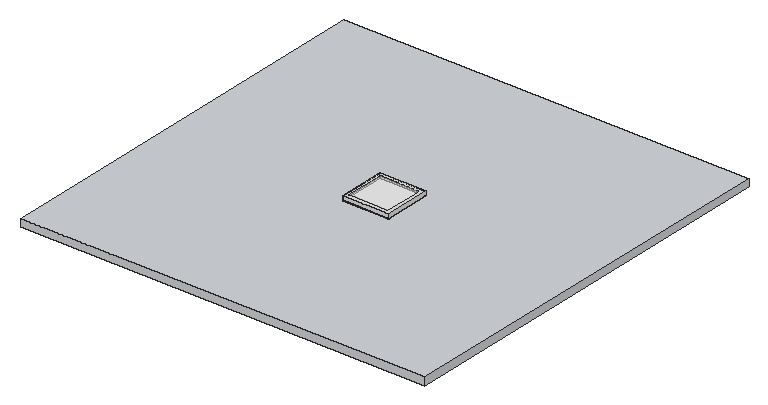
Revit family "P810020-030-30", category Lighting Fixtures, host Face, Revit 2014
Parameters (values of type "P810020-030-30")
  Watts = 17 W
  Wattage Comments = "17W"
  Wattage = 15 W
  Warranty = "1 year Warranty"  # constant formula
  built-in parameter 1150110 = 1 (stored number, unit not read)
  Voltage = 120 V
  URL = "https://www.hubbell.com/progresslighting/en"
  built-in parameter 1114217 = 1 (stored number, unit not read)
  Tilt Angle = 60.00°
  built-in parameter 1150109 = 1 (stored number, unit not read)
  built-in parameter 1150134 = 3
  built-in parameter 1150113 = 1 (stored number, unit not read)
  Square = 11.00"
  Product Link = "https://www.hubbell.com/progresslighting/en/Products/Lighting-Controls/Residential-Indoor-Lighting/New-Indoor-Products/Everlume-Collection-White-14-Edgelit-Square/p/4035370"
  Product Documentation Link = "https://hubbellcdn.com/specsheet/PROG_P810021-030-30_spec.pdf"
  Power Factor = 1
  Photometric Web File = "generic"
  built-in parameter 1150142 = (empty or 0)
  Model = "P810020-030-30"  # constant formula
  Manufacturer = "Progress Lighting"  # constant formula
  built-in parameter 1150105 = 119.37 (stored number, unit not read)
  Lumens = 1500 lm
  built-in parameter 1150115 = 1 (stored number, unit not read)
  Load Classification = Lighting
  built-in parameter 1150137 = (empty or 0)
  built-in parameter 1150139 = (empty or 0)
  built-in parameter 1150112 = 1 (stored number, unit not read)
  built-in parameter 1150114 = 1 (stored number, unit not read)
  built-in parameter 1150132 = (empty or 0)
  built-in parameter 1150102 = (empty or 0)
  built-in parameter 1150107 = 3200 (stored number, unit not read)
  built-in parameter 1150138 = (empty or 0)
  built-in parameter 1150106 = 1.1937 (stored number, unit not read)
  Glass = Hubbell - White Glass
  Lamp = "LED"  # constant formula
  Housing Material = Paint - Hubbell - White Texture
  Fixture distribution = "Direct"  # constant formula
  Features = "•\t11inch square Everlume Edgelit surface mount with LED technology 3000K, 90 CRI, 1400 lumens (delivered)\r\n•\tSimple installation to steel mounting plate\r\n•\tFixture is adjustable after installation, allowing for easy alignment\r\n•\tLight weight non-conductive polycarbonate luminaire construction\r\n•\tPolycarbonate diffuser and acrylic light guide controls glare and provides an evenly illuminated surface\r\n•\tIntegrated DC LED power supply capable of flicker-free dimming to 10% brightness with many Triac/Forward Phase or ELV/Reverse Phase dimmers\r\n•\tCan be installed to 4inch octagonal j-box, 4x1/2inch round shallow j-box and 4inch round PVC j-box\r\n•\tCan be mounted on ceiling or wall\r\n•\tSuitable for use in IC or Non-IC applications\r\n•\tMeets California Title 24 JA8-2019 and is Energy Star listed\r\n•\tSuitable for use in clothes closets when installed in accordance with the NEC 410.16 spacing requirements.\r\n•\tMaximum 25 luminaires on a circuit (without dimmer).\r\n•\t50,000 hour rated lifetime\r\n\r\n"  # constant formula
  Emit from Rectangle Width = Square - 2.00"  # 9.00"
  Emit from Rectangle Length = Square - 2.00"  # 9.00"
  Emit Shape Visible in Rendering = no
  built-in parameter 1150104 = 9.2903 (stored number, unit not read)
  Dimming Lamp Color Temperature Shift = <None>
  Description = "Edgelit technology creates a large glare-free and evenly illuminated surface for a variety of applications for both residential and commercial settings. Offering a low-profile design, LED Flush Mount is available in three sizes: 7inch, 11inch, and 14inch, in a White finish. The integrated driver does not recess into junction box, allowing for easy installation into 4inch octagonal, 4inch round PVC and 4-1/2inch ceiling pan junction boxes. Wet location listed and offers a 50,000-hour LED life."  # constant formula
  Default Elevation = 48.00"
  Copyright = " ©2020 Progress Lighting, a division of Hubbell Lighting, Inc"  # constant formula
  Contact = "https://www.hubbell.com/progresslighting/en/contactUs"
  Connector Description = ""
  Color Filter = 16777215
  built-in parameter 1114218 = 1 (stored number, unit not read)
  built-in parameter 1150133 = 10 (stored number, unit not read)
  Assembly Code = "D5020200"
  Apparent Load = Watts / Power Factor  # 17 VA
Reference planes (in)
  plane 1 "Center (Front/Back)": y = 0
  plane 2: z = 0.5561
  plane 3 "Center (Left/Right)": x = 0
  plane 4: x = -5.5
  plane 5: x = 5.5
  plane 6: y = 5.5
  plane 7: y = -5.5
Forms (in)
  Extrusion 1, solid
    sketch origin (0, 0, 0) x (1, 0, 0) y (0, 1, 0)
      loop
        line (-48, 48) -> (-48, -48) -> (48, -48) -> (48, 48) -> (-48, 48)
    from 0.5561 to -1.25
  Sweep 2, solid, material "Paint - Hubbell - White Texture" <- "Housing Material"
    path origin (0, 0, 0) x (1, 0, 0) y (0, 1, 0)
      loop
        line (-5.5, 5.5) -> (-5.5, -5.5) -> (5.5, -5.5) -> (5.5, 5.5) -> (-5.5, 5.5)
    profile origin (0, 5.5, 0) x (0, 1, 0) y (0, 0, 1)
      loop
        line (0, 0.5561) -> (0, 1.6811) -> (-0.81066, 1.6811) -> (-0.81066, 1.62555) -> (-0.06066, 1.62555) -> (-0.06066, 0.5561) -> (0, 0.5561)
  Extrusion 3, solid, material "Hubbell - White Glass" <- "Glass"
    sketch origin (0, 0, 0) x (1, 0, 0) y (0, 1, 0)
      loop
        line (-5.43934, 5.43934) -> (-5.43934, -5.43934) -> (5.43934, -5.43934) -> (5.43934, 5.43934) -> (-5.43934, 5.43934)
    from 1.53 to 1.62555
  Extrusion 4, solid, material "Paint - Hubbell - White Texture" <- "Housing Material"
    sketch origin (0, 0, 0) x (1, 0, 0) y (0, 1, 0)
      loop
        line (-5.5, 5.5) -> (-5.5, -5.5) -> (5.5, -5.5) -> (5.5, 5.5) -> (-5.5, 5.5)
    from 0.5561 to 0.67962
Dimensions and locks (in)
  equal spacing: plane 4, plane 3 "Center (Left/Right)", plane 5
  "Square": plane 4 to plane 5
  equal spacing: plane 7, plane 1 "Center (Front/Back)", plane 6
  "Square": plane 7 to plane 6
  aligned and locked: plane 2 to Extrusion 1
Automatic sketch dimensions
  Extrusion 1 sketch curve to Extrusion 1 sketch curve = 96.00"  (x2)
  Sweep 2 sketch curve to plane 4 = 0.00"
  Sweep 2 sketch curve to plane 5 = 0.00"
  plane 7 to Sweep 2 sketch curve = 0.00"
  plane 6 to Sweep 2 sketch curve = 0.00"
  Sweep 2 sketch curve to profile plane = 0.00"
  profile plane to Sweep 2 sketch curve = 0.06066"
  Sweep 2 sketch curve to Sweep 2 sketch curve = 0.75"
  level to Sweep 2 sketch curve = 0.5561"
  Sweep 2 sketch curve to Sweep 2 sketch curve = 1.06945"
  Sweep 2 sketch curve to Sweep 2 sketch curve = 0.05555"
  plane 4 to Extrusion 3 sketch curve = 0.06066"
  Extrusion 3 sketch curve to plane 5 = 0.06066"
  Extrusion 3 sketch curve to plane 7 = 0.06066"
  plane 6 to Extrusion 3 sketch curve = 0.06066"
  Extrusion 4 sketch curve to plane 4 = 0.00"
  Extrusion 4 sketch curve to plane 5 = 0.00"
  plane 7 to Extrusion 4 sketch curve = 0.00"
  plane 6 to Extrusion 4 sketch curve = 0.00"
Connectors (in)
  electrical at (0, 0, 0.5561), driven by "Voltage", driven by "Apparent Load", driven by "Power Factor", driven by "Connector Description"
    settings: on Sweep 2, index 1, voltage 120 V, apparent load 17 VA, apparent load phase1 0 VA, apparent load phase2 0 VA, apparent load phase3 0 VA, power factor 1, load classification "Other", number of poles 1, system type 30, power factor state 1, is connector primary yes, connector utility no, sub classification motor no, connector description ""
